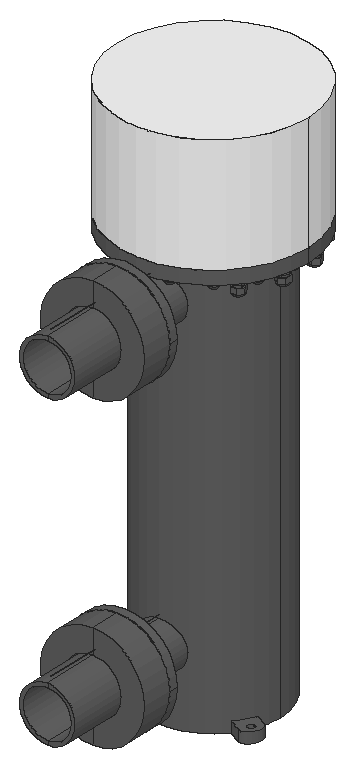
Revit family "UV Low Pressure - Reactor", category Mechanical Equipment, Revit 2019
Family settings
  Round Connector Dimension = Use Radius
  Part Type = Normal
  OmniClass Number = 23.65.50.11
  OmniClass Title = Water Treatment
  Work Plane-Based = No
  Always vertical = Yes
  Cut with Voids When Loaded = No
  Shared = No
  Room Calculation Point = No
Parameters (values of type "JUVLP100")
  URL = "https://www.jandy.com/en/commercial/water-sanitizers/commercial-low-pressure-uv-system"
  Model = Fluidra_Model  # "JUVLP100"
  Manufacturer = Fluidra_Manufacturer  # "Fluidra"
  G = 9 13/16"
  Fluidra_Model = "JUVLP100"
  Fluidra_Max_Rated_Pressure = 50.00 psi  # constant formula
  Fluidra_Max_Flow(UVT_94%) = 105 GPM
  Fluidra_Manufacturer = "Fluidra"
  Fluidra_Flow_Rate [instance] = 0 GPM
  Fluidra_Description = "Jandy Commercial Low-Pressure UV System"
  Fluidra_#_Lamps = "3"
  Flange Ring = Flange Ring 3in : Flange Ring 3in
  Flange Radius [instance] = Flange Diameter / 2  # 1 1/2"
  Flange Plate = Flange Plate 3in : Flange Plate 3in
  Flange Gasket = Flange Gasket 3in : Flange Gasket 3in
  Flange Diameter = 3"
  Flange Adapter = Flange Adapter 3in : Flange Adapter 3in
  Flange = Flange 3in : Flange 3in
  F = 14"
  E = 22 13/16"
  Description = Fluidra_Description  # "Jandy Commercial Low-Pressure UV System"
  D = 40 3/16"
  Center to Flange = 9 1/2"
  Assembly Code = "D2090400"
Types (4): name | Model | Fluidra_Model | Fluidra_Max_Flow(UVT_94%) | Fluidra_#_Lamps | Flange Ring | Flange Radius | Flange Plate | Flange Gasket | Flange Diameter | Flange Adapter | Flange | E | Center to Flange
  JUVLP100 | "JUVLP100" | "JUVLP100" | 105 GPM | "3" | Flange Ring 3in : Flange Ring 3in | 1 1/2" | Flange Plate 3in : Flange Plate 3in | Flange Gasket 3in : Flange Gasket 3in | 3" | Flange Adapter 3in : Flange Adapter 3in | Flange 3in : Flange 3in | 22 13/16" | 9 1/2"
  JUVLP200 | "JUVLP200" | "JUVLP200" | 175 GPM | "5" | Flange Ring 4in : Flange Ring 4in | 2" | Flange Plate 4in : Flange Plate 4in | Flange Gasket 4in : Flange Gasket 4in | 4" | Flange Adapter 4in : Flange Adapter 4in | Flange 4in : Flange 4in | 22 1/4" | 10"
  JUVLP250 | "JUVLP250" | "JUVLP250" | 210 GPM | "6" | Flange Ring 4in : Flange Ring 4in | 2" | Flange Plate 4in : Flange Plate 4in | Flange Gasket 4in : Flange Gasket 4in | 4" | Flange Adapter 4in : Flange Adapter 4in | Flange 4in : Flange 4in | 22 1/4" | 10"
  JUVLP150 | "JUVLP150" | "JUVLP150" | 140 GPM | "4" | Flange Ring 3in : Flange Ring 3in | 1 1/2" | Flange Plate 3in : Flange Plate 3in | Flange Gasket 3in : Flange Gasket 3in | 3" | Flange Adapter 3in : Flange Adapter 3in | Flange 3in : Flange 3in | 22 13/16" | 9 1/2"
Reference planes (in)
  plane 1 "Center (Front/Back)": y = 0
  plane 2: z = 0
  plane 3 "Center (Left/Right)": x = 0
  plane 4 "Top": z = 40.1875
  plane 5: z = 0
  plane 6: z = 0
  plane 7 "Lower body rear": y = 4.90625
  plane 8 "Lower body front": y = -4.90625
  plane 9 "Top of body": z = 30.625
  plane 10 "Cap front": y = -7
  plane 11 "Cap rear": y = 7
  plane 12 "Inlet center": z = 5.1875
  plane 13 "Outlet Center": z = 28
  plane 14 "Front of flange": y = -9.5
  plane 15 "Outlet Center": z = 0
Forms (in)
  Extrusion 1, solid, material "Fluidra Base", detail levels medium+fine
    sketch origin (0, 0, 0) x (1, 0, 0) y (0, 1, 0)
      loop
        circle (0, 0) r 4.90625
    from 0 to 30.625
  Extrusion 2, solid, material "Fluidra Base", detail levels medium+fine
    sketch origin (0, 113.19421, 30.625) x (0, 1, 0) y (-1, 0, 0)
      loop
        circle (-113.19421, 0) r 7
    from 0 to 1
  Extrusion 3, solid, material "Fluidra Base", detail levels medium+fine
    sketch origin (-60, -180, 0) x (-1, 0, 0) y (0, -1, 0)
      loop
        arc (-59.20149, -184.84083) -> (-60, -184.90625) -> (-60.79851, -184.84083) r 4.90625
        line (-60.79851, -184.84083) -> (-60.79851, -185.97077)
        spline (-60.79851, -185.97077) -> (-60.7713, -186.10018) -> (-60.69153, -186.22077) -> (-60.56463, -186.32432) -> (-60.39926, -186.40378) -> (-60.20667, -186.45373) -> (-60, -186.47077) -> (-59.79333, -186.45373) -> (-59.60074, -186.40378) -> (-59.43537, -186.32432) -> (-59.30847, -186.22077) -> (-59.2287, -186.10018) -> (-59.20149, -185.97077)
        line (-59.20149, -185.97077) -> (-59.20149, -184.84083)
    from 0 to 0.75
  Extrusion 4, void
    sketch origin (-60, -180, 0) x (0, -1, 0) y (-1, 0, 0)
      loop
        circle (-185.90608, -60) r 0.25
    from 0 to -0.75
  Extrusion 5, solid, material "Fluidra Base", detail levels medium+fine
    sketch origin (185.88457, 38.03848, 0) x (0.5, -0.866025, 0) y (0.866025, 0.5, 0)
      loop
        arc (-59.20149, -184.84083) -> (-60, -184.90625) -> (-60.79851, -184.84083) r 4.90625
        line (-60.79851, -184.84083) -> (-60.79851, -185.97077)
        spline (-60.79851, -185.97077) -> (-60.7713, -186.10018) -> (-60.69153, -186.22077) -> (-60.56463, -186.32432) -> (-60.39926, -186.40378) -> (-60.20667, -186.45373) -> (-60, -186.47077) -> (-59.79333, -186.45373) -> (-59.60074, -186.40378) -> (-59.43537, -186.32432) -> (-59.30847, -186.22077) -> (-59.2287, -186.10018) -> (-59.20149, -185.97077)
        line (-59.20149, -185.97077) -> (-59.20149, -184.84083)
    from 0 to 0.75
  Extrusion 6, void
    sketch origin (185.88457, 38.03848, 0) x (0.866025, 0.5, 0) y (0.5, -0.866025, 0)
      loop
        circle (-185.90608, -60) r 0.25
    from 0 to -0.75
  Extrusion 7, solid, material "Fluidra Base", detail levels medium+fine
    sketch origin (-125.88457, 141.96152, 0) x (0.5, 0.866025, 0) y (-0.866025, 0.5, 0)
      loop
        arc (-59.20149, -184.84083) -> (-60, -184.90625) -> (-60.79851, -184.84083) r 4.90625
        line (-60.79851, -184.84083) -> (-60.79851, -185.97077)
        spline (-60.79851, -185.97077) -> (-60.7713, -186.10018) -> (-60.69153, -186.22077) -> (-60.56463, -186.32432) -> (-60.39926, -186.40378) -> (-60.20667, -186.45373) -> (-60, -186.47077) -> (-59.79333, -186.45373) -> (-59.60074, -186.40378) -> (-59.43537, -186.32432) -> (-59.30847, -186.22077) -> (-59.2287, -186.10018) -> (-59.20149, -185.97077)
        line (-59.20149, -185.97077) -> (-59.20149, -184.84083)
    from 0 to 0.75
  Extrusion 8, void
    sketch origin (-125.88457, 141.96152, 0) x (-0.866025, 0.5, 0) y (0.5, 0.866025, 0)
      loop
        circle (-185.90608, -60) r 0.25
    from 0 to -0.75
  Extrusion 9, solid, material "Fluidra Steel", detail levels medium+fine
    sketch origin (0, 127.62401, 30.625) x (0, 1, 0) y (-1, 0, 0)
      loop
        circle (-127.62401, 0) r 7
    from 1 to 9.5625
  Extrusion 10, solid, material "Fluidra Base", detail levels coarse
    sketch origin (-60, -180, 0) x (-1, 0, 0) y (0, -1, 0)
      loop
        circle (-60, -180) r 7
    from 0 to 40.1875
Cuts and joins
  Extrusion 4, Extrusion 6 cuts Extrusion 3
  Extrusion 6 cuts Extrusion 5
  Extrusion 8 cuts Extrusion 7
  joined: Extrusion 1, Extrusion 3, Extrusion 5, Extrusion 7
Dimensions and locks (in)
  plane 4 "Top" to level = 40 3/16"
  plane 12 "Inlet center" to level = 5 3/16"  (x2)
  "E": plane 13 "Outlet Center" to plane 12 "Inlet center"
  "F": plane 11 "Cap rear" to plane 10 "Cap front"
  "D": plane 4 "Top" to level
  "G": plane 7 "Lower body rear" to plane 8 "Lower body front"
  "Center to Flange": plane 14 "Front of flange" to plane 1 "Center (Front/Back)"
  aligned and locked: level to plane 2
  aligned and locked: plane 14 "Front of flange" to nested 24
  aligned and locked: plane 14 "Front of flange" to nested 30
Automatic sketch dimensions
  plane 1 "Center (Front/Back)" to Extrusion 1 sketch curve = 0"
  Extrusion 1 sketch curve to plane 3 "Center (Left/Right)" = 0"
  plane 1 "Center (Front/Back)" to Extrusion 2 sketch curve = 0"
  Extrusion 2 sketch curve to plane 3 "Center (Left/Right)" = 0"
  plane 1 "Center (Front/Back)" to Extrusion 3 sketch curve = 0"
  Extrusion 3 sketch curve to plane 3 "Center (Left/Right)" = 0"  (x2)
  plane 3 "Center (Left/Right)" to Extrusion 3 sketch curve = 0.79851"
  plane 7 "Lower body rear" to Extrusion 3 sketch curve = 0.06542"
  Extrusion 3 sketch curve to plane 11 "Cap rear" = 1.02923"
  Extrusion 4 sketch curve to plane 3 "Center (Left/Right)" = 0"
  Extrusion 4 sketch curve to plane 7 "Lower body rear" = 0.99983"
  plane 1 "Center (Front/Back)" to Extrusion 5 sketch curve = 0"
  Extrusion 5 sketch curve to plane 3 "Center (Left/Right)" = 0"
  Extrusion 5 sketch curve to Extrusion 5 sketch curve = 0.79851"
  Extrusion 5 sketch curve to Extrusion 5 sketch curve = 1.59703"
  Extrusion 5 sketch curve to Extrusion 5 sketch curve = 4.84083"
  Extrusion 5 sketch curve to Extrusion 5 sketch curve = 1.12994"
  Extrusion 6 sketch curve to plane 8 "Lower body front" = 1.95321"
  Extrusion 6 sketch curve to plane 3 "Center (Left/Right)" = 5.11482"
  plane 1 "Center (Front/Back)" to Extrusion 7 sketch curve = 0"
  Extrusion 7 sketch curve to plane 3 "Center (Left/Right)" = 0"
  Extrusion 7 sketch curve to Extrusion 7 sketch curve = 0.79851"
  Extrusion 7 sketch curve to Extrusion 7 sketch curve = 1.59703"
  Extrusion 7 sketch curve to Extrusion 7 sketch curve = 4.84083"
  Extrusion 7 sketch curve to Extrusion 7 sketch curve = 1.12994"
  Extrusion 8 sketch curve to plane 8 "Lower body front" = 1.95321"
  plane 3 "Center (Left/Right)" to Extrusion 8 sketch curve = 5.11482"
  plane 1 "Center (Front/Back)" to Extrusion 9 sketch curve = 0"
  Extrusion 9 sketch curve to plane 3 "Center (Left/Right)" = 0"
  plane 1 "Center (Front/Back)" to Extrusion 10 sketch curve = 0"
  Extrusion 10 sketch curve to plane 3 "Center (Left/Right)" = 0"
  radius of Extrusion 1 sketch curve = 4 29/32"
  radius of Extrusion 2 sketch curve = 7"
  radius of Extrusion 4 sketch curve = 1/4"
  radius of Extrusion 6 sketch curve = 1/4"
  radius of Extrusion 8 sketch curve = 1/4"
  radius of Extrusion 9 sketch curve = 7"
  radius of Extrusion 10 sketch curve = 7"
Nested families (in)
  nested 1: "Bolt" at (-1.33582, 5.65625, 30.625), type "Bolt", detail levels fine
  nested 2: "Bolt" at (-3.65766, 4.51653, 30.625) x (0.901, 0.4339, 0) z (0, 0, 1), type "Bolt", detail levels fine
  nested 3: "Bolt" at (-5.25508, 2.48228, 30.625) x (0.6235, 0.7818, 0) z (0, 0, 1), type "Bolt", detail levels fine
  nested 4: "Bolt" at (-5.81168, -0.04361, 30.625) x (0.2225, 0.9749, 0) z (0, 0, 1), type "Bolt", detail levels fine
  nested 5: "Bolt" at (-5.21724, -2.56086, 30.625) x (-0.2225, 0.9749, 0) z (0, 0, 1), type "Bolt", detail levels fine
  nested 6: "Bolt" at (-3.58948, -4.57091, 30.625) x (-0.6235, 0.7818, 0) z (0, 0, 1), type "Bolt", detail levels fine
  nested 7: "Bolt" at (-1.25079, -5.67566, 30.625) x (-0.901, 0.4339, 0) z (0, 0, 1), type "Bolt", detail levels fine
  nested 8: "Bolt" at (1.33562, -5.6563, 30.625) x (-1, 0, 0) z (0, 0, 1), type "Bolt", detail levels fine
  nested 9: "Bolt" at (3.65751, -4.51666, 30.625) x (-0.901, -0.4338, 0) z (0, 0, 1), type "Bolt", detail levels fine
  nested 10: "Bolt" at (5.25499, -2.48247, 30.625) x (-0.6235, -0.7818, 0) z (0, 0, 1), type "Bolt", detail levels fine
  nested 11: "Bolt" at (5.81169, 0.0434, 30.625) x (-0.2226, -0.9749, 0) z (0, 0, 1), type "Bolt", detail levels fine
  nested 12: "Bolt" at (5.21733, 2.56067, 30.625) x (0.2225, -0.9749, 0) z (0, 0, 1), type "Bolt", detail levels fine
  nested 13: "Bolt" at (3.58964, 4.57078, 30.625) x (0.6234, -0.7819, 0) z (0, 0, 1), type "Bolt", detail levels fine
  nested 14: "Bolt" at (1.25099, 5.67561, 30.625) x (0.9009, -0.4339, 0) z (0, 0, 1), type "Bolt", detail levels fine
  nested 15: "Cable Connector" at (5.03125, -4, 30.625), type "Cable Connector", detail levels fine
  nested 16: "Cable Connector" at (6.26853, -1.42093, 30.625) x (0.901, 0.4339, 0) z (0, 0, 1), type "Cable Connector", detail levels fine
  nested 17: "Cable Connector" at (6.26427, 1.43957, 30.625) x (0.6235, 0.7818, 0) z (0, 0, 1), type "Cable Connector", detail levels fine
  nested 18: "Cable Connector" at (5.01933, 4.01495, 30.625) x (0.2225, 0.9749, 0) z (0, 0, 1), type "Cable Connector", detail levels fine
  nested 19: "Cable Connector" at (2.78027, 5.79513, 30.625) x (-0.2225, 0.9749, 0) z (0, 0, 1), type "Cable Connector", detail levels fine
  nested 20: "Cable Connector" at (-0.00945, 6.42755, 30.625) x (-0.6235, 0.7818, 0) z (0, 0, 1), type "Cable Connector", detail levels fine
  nested 21: "Cable Connector" at (-2.79729, 5.78694, 30.625) x (-0.901, 0.4339, 0) z (0, 0, 1), type "Cable Connector", detail levels fine
  nested 22: "Flange Ring 3in" at (0, -8.82576, 28), type <- "Flange Ring", type "Flange Ring 3in", detail levels medium+fine
  nested 23: "Flange Adapter 3in" at (0, -9.62263, 28), type <- "Flange Adapter", type "Flange Adapter 3in", detail levels medium+fine
  nested 24: "Flange Gasket 3in" at (0, -9.5, 28), type <- "Flange Gasket", type "Flange Gasket 3in", detail levels medium+fine
  nested 25: "Flange Ring 3in" at (0, -21.5, 0), type <- "Flange Ring", type "Flange Ring 3in", not visible, detail levels medium+fine
  nested 26: "Flange Adapter 3in" at (0, -22.29687, 0), type <- "Flange Adapter", type "Flange Adapter 3in", not visible, detail levels medium+fine
  nested 27: "Flange Gasket 3in" at (0, -22.17424, 0), type <- "Flange Gasket", type "Flange Gasket 3in", not visible, detail levels medium+fine
  nested 28: "Flange Ring 3in" at (0, -8.82576, 5.1875), type <- "Flange Ring", type "Flange Ring 3in", detail levels medium+fine
  nested 29: "Flange Adapter 3in" at (0, -9.62263, 5.1875), type <- "Flange Adapter", type "Flange Adapter 3in", detail levels medium+fine
  nested 30: "Flange Gasket 3in" at (0, -9.5, 5.1875), type <- "Flange Gasket", type "Flange Gasket 3in", detail levels medium+fine
  nested 31: "Flange Ring 3in" at (0, -8.83049, 5.1875), type <- "Flange Ring", type "Flange Ring 3in", not visible, detail levels medium+fine
  nested 32: "Flange Adapter 3in" at (0, -9.62737, 5.1875), type <- "Flange Adapter", type "Flange Adapter 3in", not visible, detail levels medium+fine
  nested 33: "Flange Gasket 3in" at (0, -9.50473, 5.1875), type <- "Flange Gasket", type "Flange Gasket 3in", not visible, detail levels medium+fine
  nested 34: "Flange Plate 3in" at (0, -8.13826, 28), type <- "Flange Plate", type "Flange Plate 3in", detail levels medium+fine
  nested 35: "Flange Plate 3in" at (0, -20.8125, 0), type <- "Flange Plate", type "Flange Plate 3in", not visible, detail levels medium+fine
  nested 36: "Flange Plate 3in" at (0, -8.13826, 5.1875), type <- "Flange Plate", type "Flange Plate 3in", detail levels medium+fine
  nested 37: "Flange Plate 3in" at (0, -8.14299, 5.1875), type <- "Flange Plate", type "Flange Plate 3in", not visible, detail levels medium+fine
  nested 38: "Flange 3in" at (0, -9.5, 28), type <- "Flange", type "Flange 3in"
  nested 39: "Flange 3in" at (0, -22.17424, 0), type <- "Flange", type "Flange 3in", not visible
  nested 40: "Flange 3in" at (0, -9.5, 5.1875), type <- "Flange", type "Flange 3in"
  nested 41: "Flange 3in" at (0, -9.50473, 5.1875), type <- "Flange", type "Flange 3in", not visible
Connectors (in)
  piping at (-0.02335, -9.49527, 28.00102), diameter 3, driven by "Flange Radius", driven by "Fluidra_Flow_Rate"
    settings: on nested 38, index 1, connector inside diameter 24", connector length 0", flow factor 0, pipe flow 0 GPM, pressure drop 0.00 psi, fitting loss kfactor 0, connector angle 0.00°, fixture units 0, engagement length 0", angle of deflection 0.00°, flow configuration 1, flow direction 2, fitting loss method 0, system type 7, joint type 0, gender type 0, connector reference index 2, connector utility 0, adjustable connector no, is connector primary no, connector description "Outlet"
  piping at (-0.02335, -9.49527, 5.18852), diameter 3, driven by "Flange Radius", driven by "Fluidra_Flow_Rate"
    settings: on nested 40, index 2, connector inside diameter 24", connector length 0", flow factor 0, pipe flow 0 GPM, pressure drop 0.00 psi, fitting loss kfactor 0, connector angle 0.00°, fixture units 0, engagement length 0", angle of deflection 0.00°, flow configuration 1, flow direction 1, fitting loss method 0, system type 7, joint type 0, gender type 0, connector reference index 1, connector utility 0, adjustable connector no, is connector primary yes, connector description "Inlet"
Definition of nested family "Bolt"
  Parameters (values of type "Bolt")
    Material = none
  Reference planes (in)
    plane 1 "Center (Front/Back)": y = 0
    plane 2: z = 0
    plane 3 "Center (Left/Right)": x = 0
  Forms (in)
    Extrusion 1, solid, material <- "Material"
      sketch origin (0, 0, 0) x (1, 0, 0) y (0, 1, 0)
        loop
          circle (0, 0) r 0.4375
      from 0 to -0.5
    Revolve 2, solid, material <- "Material"
      sketch origin (0, 0, 0) x (1, 0, 0) y (0, 0, 1)
        loop
          line (0, -0.5) -> (-0.39717, -0.5)
          arc (-0.39717, -0.5) -> (-0.26212, -0.74271) -> (0, -0.83456) r 0.3911
          line (0, -0.83456) -> (0, -0.5)
        axis (0, -0.5) -> (0, -0.83456)
      angle from 0 to 360
  Dimensions and locks (in)
    aligned and locked: plane 2 to level
Definition of nested family "Cable Connector"
  Parameters (values of type "Cable Connector")
    Material = none
  Reference planes (in)
    plane 1 "Center (Front/Back)": y = 0
    plane 2: z = 0
    plane 3 "Center (Left/Right)": x = 0
    plane 4: x = -0.43359
  Forms (in)
    Extrusion 1, solid, material <- "Material"
      sketch origin (0, 0, 0) x (1, 0, 0) y (0, 1, 0)
        loop
          line (0, -0.5) -> (0.43301, -0.25) -> (0.43301, 0.25) -> (0, 0.5) -> (-0.43301, 0.25) -> (-0.43301, -0.25) -> (0, -0.5)
        loop
          circle (0, 0) r 0.21094
      from 0 to -0.18057
    Extrusion 2, solid, material <- "Material"
      sketch origin (0, 0, -0.18057) x (0, 1, 0) y (1, 0, 0)
        loop
          circle (0, 0) r 0.32851
        loop
          circle (0, 0) r 0.21094
      from 0.20468 to 0
    Extrusion 3, solid, material <- "Material"
      sketch origin (0, 0, -0.38525) x (-1, 0, 0) y (0, 1, 0)
        loop
          line (-0.5, 0) -> (-0.25, -0.43301) -> (0.25, -0.43301) -> (0.5, 0) -> (0.25, 0.43301) -> (-0.25, 0.43301) -> (-0.5, 0)
        loop
          circle (0, 0) r 0.21094
      from 0 to 0.42574
    Revolve 4, solid, material <- "Material"
      sketch origin (0, 0, 0.20313) x (1, 0, 0) y (0, 0, 1)
        loop
          arc (-0.43359, -1.01411) -> (-0.38899, -1.1218) -> (-0.28131, -1.1664) r 0.15229
          line (-0.28131, -1.1664) -> (-0.21094, -1.1664) -> (-0.21094, -1.01411) -> (-0.43359, -1.01411)
        axis (0, -1.01411) -> (0, -1.1664)
      angle from 0 to 360
  Cuts and joins
    joined: Extrusion 1, Extrusion 2, Extrusion 3
  Dimensions and locks (in)
    aligned and locked: plane 2 to level
    aligned and locked: Extrusion 2 to Extrusion 1
Definition of nested family "Flange Ring 3in"
  Parameters (values of type "Flange Ring 3in")
    Material = none
  Reference planes (in)
    plane 1 "Center (Front/Back)": y = 0
    plane 2: z = 0
    plane 3 "Center (Left/Right)": x = 0
  Forms (in)
    Revolve 1, solid, material <- "Material"
      sketch origin (0, 0, 0) x (0, 1, 0) y (0, 0, 1)
        loop
          line (0, 3.84375) -> (-2.25, 3.84375) -> (-2.25, 2.09375) -> (-1.46402, 2.09375) -> (-1.46402, 2.62769) -> (0, 2.62769) -> (0, 3.84375)
        axis (0, 0) -> (-2.25, 0)
      angle from 0 to 360
  Dimensions and locks (in)
    aligned and locked: plane 2 to level
Definition of nested family "Flange Adapter 3in"
  Parameters (values of type "Flange Adapter 3in")
    Material = none
  Reference planes (in)
    plane 1 "Center (Front/Back)": y = 0
    plane 2: z = 0
    plane 3 "Center (Left/Right)": x = 0
    plane 4: z = -1.75
  Forms (in)
    Revolve 1, solid, material <- "Material"
      sketch origin (0, -9.49763, 5.1875) x (0, -1, 0) y (0, 0, -1)
        loop
          line (-3.90625, 6.9375) -> (-3.90625, 7.21739) -> (-8.83049, 7.21739) -> (-8.83049, 7.81519) -> (-9.49763, 7.81519) -> (-9.49763, 6.9375) -> (-3.90625, 6.9375)
        axis (-3.90625, 5.1875) -> (-9.49763, 5.1875)
      angle from 0 to 360
  Dimensions and locks (in)
    aligned and locked: plane 2 to level
Definition of nested family "Flange Gasket 3in"
  Parameters
    Material = none
  Reference planes (in)
    plane 1 "Center (Front/Back)": y = 0
    plane 2: z = 0
    plane 3 "Center (Left/Right)": x = 0
  Forms (in)
    Extrusion 1, solid, material <- "Material"
      sketch origin (0, 0.00237, 0) x (0, 0, 1) y (-1, 0, 0)
        loop
          circle (0, 0) r 2.62769
        loop
          circle (0, 0) r 1.5
      from 0.00237 to 0.125
  Dimensions and locks (in)
    aligned and locked: plane 2 to level
Definition of nested family "Flange Plate 3in"
  Reference planes (in)
    plane 1 "Center (Front/Back)": y = 0
    plane 2: z = 0
    plane 3 "Center (Left/Right)": x = 0
  Forms (in)
    Extrusion 1, solid
      sketch origin (-0.75451, -9.32576, 33.16225) x (-1, 0, 0) y (0, 0, 1)
        loop
          circle (-0.75451, -33.16225) r 3.84375
        loop
          circle (-0.75451, -33.16225) r 2.03125
      from 8.63826 to 9.32576
  Dimensions and locks (in)
    radius of Extrusion 1 sketch curve = 2 1/32"
    aligned and locked: plane 2 to level
Definition of nested family "Flange 3in"
  Parameters
    Material = none
  Reference planes (in)
    plane 1 "Center (Front/Back)": y = 0
    plane 2: z = 0
    plane 3 "Center (Left/Right)": x = 0
  Forms (in)
    Revolve 1, solid, material <- "Material"
      sketch origin (-0.02335, 0.00473, 1.65336) x (0, 1, 0) y (0, 0, 1)
        loop
          line (5.59375, -0.15234) -> (5.59375, 0.12754) -> (1.44318, 0.12754) -> (0.66951, 0.37785) -> (0.66951, 0.97535) -> (0, 0.97535) -> (0, -0.15234) -> (5.59375, -0.15234)
        axis (5.59375, -1.65234) -> (0, -1.65234)
      angle from 0 to 360
  Dimensions and locks (in)
    aligned and locked: plane 2 to level
